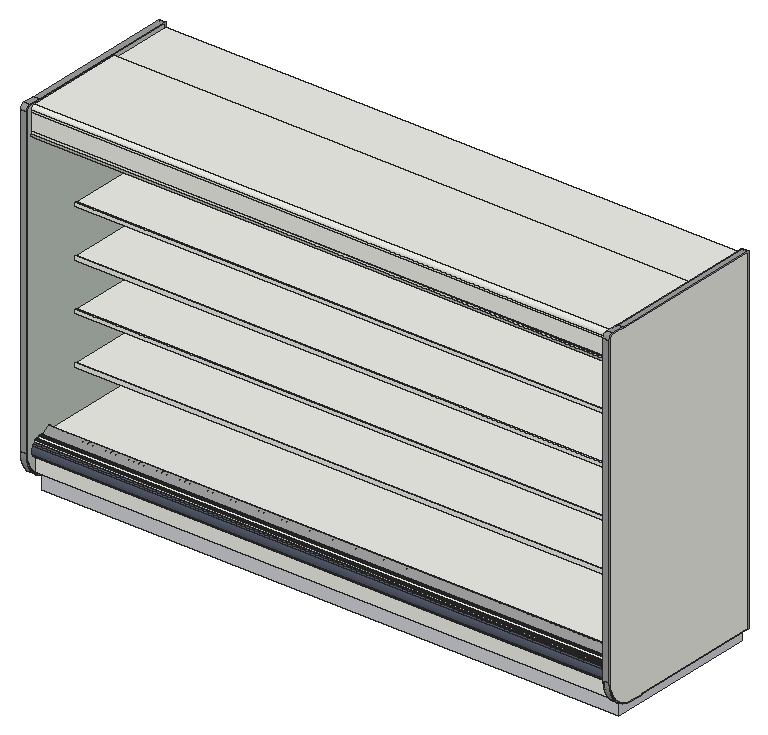
Revit family "D6X-ULEP_2014", category Specialty Equipment, Revit 2014
Parameters (values of type "12'-0" Length")
  Width = 144 1/2"
  Waste Drain = 1 1/4"  # constant formula
  URL = "www.hussmann.com"
  Type Comments = "Excel"  # constant formula
  Trim = Stainless Steel
  Total Weight = Case Weight + (2 * End Weight)  # 1800.00 lbf
  Top Clearance = 3"  # constant formula
  Splashguard = Textured Sheet Metal (Steel Painted) - 701 Black
  Shelves = Sheet Metal (Steel Painted) - 700 Interior White
  Shelf Lights [instance] = yes
  Revit Family Date = "08/31/2015"  # constant formula
  Refrigeration Lines Suction = 7/8"  # constant formula
  Refrigeration Lines Liquid = 3/8"  # constant formula
  Refrig. Suction = "Suction"
  Refrig. Liquid = "Liquid"
  Number of Supports = if(Width < 50", 2, if(Width < 100", 3, 4))  # 4
  Number of Shelves = 5  # constant formula
  Note from Manufacturer = "This model only comes in 4'-0\", 6'-0\", 8'-0\" and 12'-0\" lengths."
  Model URL = "http://www.hussmann.com/en/product%20viewer/display-cases/D5X-ULEP,%20D6X-ULEP"
  Model = "D6X-ULEP"  # constant formula
  Manufacturer Disclaimer = "The information in this file is not intended to be an exact representation of the corresponding Hussmann product.  Further, we reserve the right to change or revise specifications and product design in connection with any feature of our products. Such changes do not entitle the buyer to corresponding changes, improvements, additions, or replacements for equipment previously sold or shipped."  # constant formula
  Manufacturer = "Hussmann Corporation"  # constant formula
  Height = 87 3/4"  # constant formula
  Ends = Textured Sheet Metal (Steel Painted) - 149 White Satin Matte
  End Weight = 100.00 lbf  # constant formula
  Description = "Ultra Low Front Dairy, Extended Height"  # constant formula
  Depth = 42"  # constant formula
  Cutsheet URL = "http://www.hussmann.com/en/Technical%20Documents/0495781_K_D6X-ULEP.pdf"
  Close Off Panel = Textured Sheet Metal (Steel Painted) - 701 Black
  Clearance [instance] = yes
  Case Weight = if(Width = 48 3/8", 800.00 lbf, if(Width = 72 3/8", 1000.00 lbf, if(Width = 96 3/8", 1200.00 lbf, if(Width = 144 1/2", 1600.00 lbf, 0.00 lbf))))  # 1600.00 lbf
  Case Interior - Side Panel = Mirror
  Case Interior - Back Panel = Sheet Metal (Steel Painted) - 700 Interior White
  Case = Textured Sheet Metal (Steel Painted) - 149 White Satin Matte
  Bumper = Extruded PVC - 739 Royal Blue
  Back Clearance = 3"  # constant formula
  Assembly Code = ""
  Accessories/Options = ""
Types (4): name | Width | Total Weight | Number of Supports | Case Weight
  12'-0" Length | 144 1/2" | 1800.00 lbf | 4 | 1600.00 lbf
  8'-0" Length | 96 3/8" | 1400.00 lbf | 3 | 1200.00 lbf
  6'-0" Length | 72 3/8" | 1200.00 lbf | 3 | 1000.00 lbf
  4'-0" Length | 48 3/8" | 1000.00 lbf | 2 | 800.00 lbf
Reference planes (in)
  plane 1 "Back": y = 0
  plane 2 "Bottom": z = 0
  plane 3 "Top": z = 87.75
  plane 4 "Left": x = -77.30699
  plane 5 "Front": y = -42
  plane 6 "Center (Left/Right)": x = -5.05699
  plane 7: y = 3
  plane 8: x = -78.80699
  plane 9 "Right": x = 67.19301
  plane 10: x = 68.69301
  plane 11: z = 24
  plane 12: z = 72
  plane 13: z = 90.75
Forms (in)
  Extrusion 1, solid, material "Metal - Copper"
    sketch origin (56.68999, 5, -0.375) x (1, 0, 0) y (0, 1, 0)
      loop
        circle (1.25302, -31.25) r 0.4375
      loop
        circle (1.25302, -31.25) r 0.41359
    from 2.55701 to 0.375
  Extrusion 2, solid, material "Metal - Copper"
    sketch origin (60.76358, 5, -0.375) x (1, 0, 0) y (0, 1, 0)
      loop
        circle (-0.32057, -31.25) r 0.1875
      loop
        circle (-0.32057, -31.25) r 0.17284
    from 2.55701 to 0.375
  Extrusion 3, solid, material "Metal - Copper"
    sketch origin (-104.75, 1.04319, 0) x (1, 0, 0) y (0, 1, 0)
      loop
        arc (38.98281, -32.66819) -> (39.15421, -33.08199) -> (39.56801, -33.25339) r 0.5852
        arc (39.56801, -33.25339) -> (39.98181, -33.08199) -> (40.15321, -32.66819) r 0.5852
        arc (40.15321, -32.66819) -> (39.98181, -32.25439) -> (39.56801, -32.08299) r 0.5852
        arc (39.56801, -32.08299) -> (39.15421, -32.25439) -> (38.98281, -32.66819) r 0.5852
      loop
        arc (40.19301, -32.66819) -> (40.00996, -32.22625) -> (39.56801, -32.04319) r 0.625
        arc (39.56801, -32.04319) -> (39.12607, -32.22625) -> (38.94301, -32.66819) r 0.625
        arc (38.94301, -32.66819) -> (39.12607, -33.11013) -> (39.56801, -33.29319) r 0.625
        arc (39.56801, -33.29319) -> (40.00996, -33.11013) -> (40.19301, -32.66819) r 0.625
    from 2.18201 to 0
  Extrusion 4, solid, material "Textured Sheet Metal (Steel Painted) - 149 White Satin Matte" <- "Case"
    sketch origin (-77.30699, 0, 0) x (0, 1, 0) y (0, 0, 1)
      loop
        line (-39.44712, 8.69031) -> (-39.44712, 10.43201) -> (-38.73963, 10.43201) -> (-38.73963, 12.45299)
        arc (-38.73963, 12.45299) -> (-38.82719, 12.66353) -> (-39.03822, 12.74991) r 0.29693
        arc (-39.03822, 12.74991) -> (-39.16002, 12.74539) -> (-39.28129, 12.73322) r 1.93575
        arc (-39.28129, 12.73322) -> (-39.2917, 12.72189) -> (-39.28241, 12.70963) r 0.012
        line (-39.28241, 12.70963) -> (-39.23954, 12.69974)
        arc (-39.23954, 12.69974) -> (-39.23031, 12.68667) -> (-39.24227, 12.67605) r 0.012
        line (-39.24227, 12.67605) -> (-39.51925, 12.67693)
        arc (-39.51925, 12.67693) -> (-39.53123, 12.66573) -> (-39.5208, 12.65307) r 0.01198
        line (-39.5208, 12.65307) -> (-39.47713, 12.6475)
        arc (-39.47713, 12.6475) -> (-39.46666, 12.63614) -> (-39.47605, 12.62388) r 0.012
        line (-39.47605, 12.62388) -> (-40.42888, 12.41247)
        arc (-40.42888, 12.41247) -> (-40.44257, 12.41961) -> (-40.43789, 12.43433) r 0.012
        line (-40.43789, 12.43433) -> (-40.40068, 12.45785)
        arc (-40.40068, 12.45785) -> (-40.39657, 12.47373) -> (-40.41217, 12.47881) r 0.01198
        line (-40.41217, 12.47881) -> (-40.66278, 12.36087)
        arc (-40.66278, 12.36087) -> (-40.67804, 12.36532) -> (-40.6755, 12.38101) r 0.012
        line (-40.6755, 12.38101) -> (-40.64147, 12.4089)
        arc (-40.64147, 12.4089) -> (-40.63895, 12.42462) -> (-40.65425, 12.42901) r 0.012
        arc (-40.65425, 12.42901) -> (-40.78987, 12.35728) -> (-40.91921, 12.27474) r 1.88204
        arc (-40.91921, 12.27474) -> (-40.94123, 12.24971) -> (-40.94917, 12.21732) r 0.07
        line (-40.94917, 12.21732) -> (-40.94917, 11.82113) -> (-40.60612, 11.82113) -> (-40.60612, 4.87131) -> (-39.91926, 4.87131)
        arc (-39.91926, 4.87131) -> (-39.87769, 4.89531) -> (-39.87769, 4.94331) r 0.048
        line (-39.87769, 4.94331) -> (-40.23112, 5.55547) -> (-40.23112, 5.66258) -> (-33.66689, 2.18201) -> (-6.66448, 2.18201) -> (0, 5.72557) -> (0, 86.94565) -> (-16.26468, 86.94565) -> (-16.26468, 87.74964) -> (-41.06494, 87.74964)
        arc (-41.06494, 87.74964) -> (-41.77204, 87.45674) -> (-42.06494, 86.74964) r 1
        line (-42.06494, 86.74964) -> (-42.06494, 86.27079) -> (-41.95032, 86.27079) -> (-41.95032, 82.02079) -> (-42.06494, 82.02079) -> (-42.06494, 81.49994)
        arc (-42.06494, 81.49994) -> (-41.77204, 80.79283) -> (-41.06494, 80.49994) r 1
        arc (-41.06494, 80.49994) -> (-40.99861, 80.54088) -> (-40.93541, 80.58651) r 1.07976
        line (-40.93541, 80.58651) -> (-40.58872, 80.58651) -> (-40.58872, 83.00964) -> (-35.72299, 83.00964) -> (-35.72299, 81.8986) -> (-35.02799, 81.8986) -> (-35.02799, 82.31964) -> (-35.2097, 82.31964) -> (-35.2097, 83.37964) -> (-6.46217, 83.37964) -> (-6.46217, 11.92451) -> (-22.18913, 10.38247)
        arc (-22.18913, 10.38247) -> (-23.61328, 9.85692) -> (-24.59783, 8.70146) r 3
        arc (-24.59783, 8.70146) -> (-26.92864, 7.07481) -> (-29.53102, 8.21776) r 2.903
        arc (-29.53102, 8.21776) -> (-30.72125, 9.15998) -> (-32.22035, 9.3989) r 3
        line (-32.22035, 9.3989) -> (-39.44712, 8.69031)
    from 0 to 144.5
  Extrusion 5, solid, material "Extruded PVC - 739 Royal Blue" <- "Bumper"
    sketch origin (-77.30699, 0, 0) x (0, 1, 0) y (0, 0, 1)
      loop
        arc (-40.94917, 11.82113) -> (-41.04462, 11.8534) -> (-41.13928, 11.81889) r 0.152
        line (-41.13928, 11.81889) -> (-41.35122, 11.64488)
        arc (-41.35122, 11.64488) -> (-41.54288, 11.47244) -> (-41.68297, 11.25599) r 0.98053
        arc (-41.68297, 11.25599) -> (-41.90937, 10.24959) -> (-41.68297, 9.24318) r 2.35
        arc (-41.68297, 9.24318) -> (-41.54106, 9.02462) -> (-41.3466, 8.85114) r 0.98053
        line (-41.3466, 8.85114) -> (-41.13894, 8.68165)
        arc (-41.13894, 8.68165) -> (-41.03517, 8.6476) -> (-40.93535, 8.69193) r 0.152
        line (-40.93535, 8.69193) -> (-40.60612, 9.02115) -> (-40.60612, 11.82113) -> (-40.94917, 11.82113)
    from 0 to 144.5
  Extrusion 6, solid, material "Sheet Metal (Steel Painted) - 700 Interior White" <- "Shelves"
    sketch origin (-77.30699, 0, 0) x (0, 1, 0) y (0, 0, 1)
      loop
        line (-36.24712, 9.00407) -> (-36.24712, 12.07382) -> (-6.54794, 12.07382) -> (-6.54794, 12.71582) -> (-36.81494, 12.71582) -> (-36.81494, 8.94839) -> (-36.24712, 9.00407)
    from 0 to 144.5
  Extrusion 7, solid, material "Textured Sheet Metal (Steel Painted) - 149 White Satin Matte" <- "Ends"
    sketch origin (-77.30699, 0, 0) x (0, 1, 0) y (0, 0, 1)
      loop
        line (-43.19981, 86.92484) -> (-43.19981, 10.1022)
        arc (-43.19981, 10.1022) -> (-41.14298, 5.13656) -> (-36.17734, 3.07973) r 7.02247
        line (-36.17734, 3.07973) -> (-33.25876, 3.07973) -> (-33.25876, 3.15365) -> (0.0409, 3.15365) -> (0.0409, 3.20381) -> (0.09106, 3.20381) -> (0.09106, 87.75) -> (0.0409, 87.75) -> (0.0409, 87.80365) -> (-39.33165, 87.80365) -> (-39.33165, 87.92805) -> (-42.1966, 87.92805)
        arc (-42.1966, 87.92805) -> (-42.90598, 87.63422) -> (-43.19981, 86.92484) r 1.00321
    from 0 to -1.5
  Extrusion 8, solid, material "Mirror" <- "Case Interior - Side Panel"
    sketch origin (-77.30699, 0, 0) x (0, 1, 0) y (0, 0, 1)
      loop
        line (-43.19981, 86.92484) -> (-43.19981, 10.1022)
        arc (-43.19981, 10.1022) -> (-41.14298, 5.13656) -> (-36.17734, 3.07973) r 7.02247
        line (-36.17734, 3.07973) -> (-33.25876, 3.07973) -> (-33.25876, 3.15365) -> (0.0409, 3.15365) -> (0.0409, 3.20381) -> (0.09106, 3.20381) -> (0.09106, 87.75) -> (0.0409, 87.75) -> (0.0409, 87.80365) -> (-39.33165, 87.80365) -> (-39.33165, 87.92805) -> (-42.1966, 87.92805)
        arc (-42.1966, 87.92805) -> (-42.90598, 87.63422) -> (-43.19981, 86.92484) r 1.00321
    from 0 to 0.03125
  Extrusion 9, solid, material "Textured Sheet Metal (Steel Painted) - 149 White Satin Matte" <- "Ends"
    sketch origin (67.19301, 0, 0) x (0, 1, 0) y (0, 0, -1)
      loop
        arc (-43.19981, -86.92484) -> (-42.90598, -87.63422) -> (-42.1966, -87.92805) r 1.00321
        line (-42.1966, -87.92805) -> (-39.33165, -87.92805) -> (-39.33165, -87.80365) -> (0.0409, -87.80365) -> (0.0409, -87.75) -> (0.09106, -87.75) -> (0.09106, -3.20381) -> (0.0409, -3.20381) -> (0.0409, -3.15365) -> (-33.25876, -3.15365) -> (-33.25876, -3.07973) -> (-36.17734, -3.07973)
        arc (-36.17734, -3.07973) -> (-41.14298, -5.13656) -> (-43.19981, -10.1022) r 7.02247
        line (-43.19981, -10.1022) -> (-43.19981, -86.92484)
    from 0 to -1.5
  Extrusion 10, solid, material "Mirror" <- "Case Interior - Side Panel"
    sketch origin (67.19301, 0, 0) x (0, 1, 0) y (0, 0, -1)
      loop
        line (-43.19981, -10.01115) -> (-43.19981, -86.92484)
        arc (-43.19981, -86.92484) -> (-42.90598, -87.63422) -> (-42.1966, -87.92805) r 1.00321
        line (-42.1966, -87.92805) -> (-39.33165, -87.92805) -> (-39.33165, -87.80365) -> (0.0409, -87.80365) -> (0.0409, -87.75) -> (0.09106, -87.75) -> (0.09106, -3.20381) -> (0.0409, -3.20381) -> (0.0409, -3.15365) -> (-33.25876, -3.15365) -> (-33.25876, -3.07973) -> (-36.26839, -3.07973)
        arc (-36.26839, -3.07973) -> (-41.16965, -5.10989) -> (-43.19981, -10.01115) r 6.93142
    from 0 to 0.03125
  Sweep 11, solid
    path origin (0, 0, 0) x (1, 0, 0) y (0, 1, 0)
      loop
        line (-77.30699, 0) -> (-77.30699, -38.34002) -> (67.19301, -38.34002) -> (67.19301, 0)
    profile origin (-5.05699, -38.34002, 0) x (0, 1, 0) y (0, 0, 1)
      loop
        line (0.375, 0) -> (0.375, 4.46102) -> (-0.00039, 4.66006) -> (-0.00039, 0) -> (0.375, 0)
  Extrusion 12, solid, material "Stainless Steel" <- "Trim"
    sketch origin (68.69301, 0, 0) x (0, -1, 0) y (0, 0, -1)
      loop
        line (39.33165, -87.80365) -> (39.33165, -87.92805) -> (42.1966, -87.92805)
        arc (42.1966, -87.92805) -> (42.90598, -87.63422) -> (43.19981, -86.92484) r 1.00321
        line (43.19981, -86.92484) -> (43.19981, -10.01115)
        arc (43.19981, -10.01115) -> (41.16965, -5.10989) -> (36.26839, -3.07973) r 6.93142
        line (36.26839, -3.07973) -> (33.25876, -3.07973) -> (33.25876, -3.15365) -> (-0.0409, -3.15365) -> (-0.0409, -3.20381) -> (-0.09106, -3.20381) -> (-0.09106, -87.75) -> (-0.0409, -87.75) -> (-0.0409, -87.80365) -> (39.33165, -87.80365)
      loop
        arc (43.32481, -10.01115) -> (41.25803, -5.02151) -> (36.26839, -2.95473) r 7.05642
        line (36.26839, -2.95473) -> (33.13376, -2.95473) -> (33.13376, -3.08314) -> (-0.1659, -3.08314) -> (-0.1659, -3.1333) -> (-0.21606, -3.1333) -> (-0.21606, -87.87849) -> (-0.1659, -87.87849) -> (-0.1659, -87.92865) -> (39.20665, -87.92865) -> (39.20665, -88.05305) -> (42.1966, -88.05305)
        arc (42.1966, -88.05305) -> (42.99437, -87.72261) -> (43.32481, -86.92484) r 1.12821
        line (43.32481, -86.92484) -> (43.32481, -10.01115)
    from 0 to -1.5
  Extrusion 13, solid, material "Metal - Copper"
    sketch origin (-80.625, 1.04319, 0) x (1, 0, 0) y (0, 1, 0)
      loop
        arc (135.10781, -32.66819) -> (135.27921, -33.08199) -> (135.69301, -33.25339) r 0.5852
        arc (135.69301, -33.25339) -> (136.10681, -33.08199) -> (136.27821, -32.66819) r 0.5852
        arc (136.27821, -32.66819) -> (136.10681, -32.25439) -> (135.69301, -32.08299) r 0.5852
        arc (135.69301, -32.08299) -> (135.27921, -32.25439) -> (135.10781, -32.66819) r 0.5852
      loop
        arc (136.31801, -32.66819) -> (136.13496, -32.22625) -> (135.69301, -32.04319) r 0.625
        arc (135.69301, -32.04319) -> (135.25107, -32.22625) -> (135.06801, -32.66819) r 0.625
        arc (135.06801, -32.66819) -> (135.25107, -33.11013) -> (135.69301, -33.29319) r 0.625
        arc (135.69301, -33.29319) -> (136.13496, -33.11013) -> (136.31801, -32.66819) r 0.625
    from 2.18201 to 0
  Extrusion 14, solid, material "Stainless Steel" <- "Trim"
    sketch origin (-78.80699, 0, 0) x (0, -1, 0) y (0, 0, 1)
      loop
        line (-0.0409, 87.80365) -> (-0.0409, 87.75) -> (-0.09106, 87.75) -> (-0.09106, 3.20381) -> (-0.0409, 3.20381) -> (-0.0409, 3.15365) -> (33.25876, 3.15365) -> (33.25876, 3.07973) -> (36.17734, 3.07973)
        arc (36.17734, 3.07973) -> (41.14298, 5.13656) -> (43.19981, 10.1022) r 7.02247
        line (43.19981, 10.1022) -> (43.19981, 86.92484)
        arc (43.19981, 86.92484) -> (42.90598, 87.63422) -> (42.1966, 87.92805) r 1.00321
        line (42.1966, 87.92805) -> (39.33165, 87.92805) -> (39.33165, 87.80365) -> (-0.0409, 87.80365)
      loop
        line (-0.21606, 87.87849) -> (-0.21606, 3.07881) -> (-0.1659, 3.07881) -> (-0.1659, 3.02865) -> (33.13376, 3.02865) -> (33.13376, 2.95473) -> (36.17734, 2.95473)
        arc (36.17734, 2.95473) -> (41.23136, 5.04818) -> (43.32481, 10.1022) r 7.14747
        line (43.32481, 10.1022) -> (43.32481, 86.92484)
        arc (43.32481, 86.92484) -> (42.99437, 87.72261) -> (42.1966, 88.05305) r 1.12821
        line (42.1966, 88.05305) -> (39.20665, 88.05305) -> (39.20665, 87.92865) -> (-0.1659, 87.92865) -> (-0.1659, 87.87849) -> (-0.21606, 87.87849)
    from 0 to -1.53125
  Extrusion 15, solid, material "Stainless Steel" <- "Trim"
    sketch origin (-77.30699, 0, 0) x (0, 1, 0) y (0, 0, 1)
      loop
        line (-36.36912, 12.71582) -> (-36.36912, 13.54476)
        arc (-36.36912, 13.54476) -> (-36.48544, 13.73984) -> (-36.71237, 13.73026) r 0.22175
        line (-36.71237, 13.73026) -> (-38.73963, 12.4025) -> (-38.73963, 11.50775) -> (-38.44037, 11.80701) -> (-36.81494, 11.80701) -> (-36.81494, 12.71582) -> (-36.36912, 12.71582)
    from 0 to 144.5 <- "Width"
Lines and regions (in)
  reference lines
    curve 1: line (-74.80699, -42, 0) -> (-74.80699, 0, 0)
    curve 2: line (-65.18199, -42, 0) -> (-65.18199, 0, 0)
    curve 3: line (55.06801, -42, 0) -> (55.06801, 0, 0)
    curve 4: line (64.69301, -42, 0) -> (64.69301, 0, 0)
    curve 5: line (59.19301, -42, 0) -> (59.19301, 0, 0)
    curve 6: line (-77.30699, -31.625, 0) -> (67.19301, -31.625, 0)
    curve 7: line (67.19301, -26.25, 0) -> (-77.30699, -26.25, 0)
  model lines
    curve 8: line (-76.18199, -33.5, 0) -> (67.06801, -33.5, 0)
  symbolic lines, style "Clearance", visible <- "Clearance"
    curve 9: line (-78.80699, 0, 0) -> (-78.80699, 3, 0)
    curve 10: line (-78.80699, 3, 0) -> (68.69301, 3, 0)
    curve 11: line (68.69301, 3, 0) -> (68.69301, -0.05016, 0)
Dimensions and locks (in)
  equal spacing: plane 4 "Left", plane 6 "Center (Left/Right)", plane 9 "Right"
  locked: plane 8 to plane 4 "Left" at 1.5
  "Width": plane 4 "Left" to plane 9 "Right"
  locked: plane 4 "Left" to curve 1 at 2.5
  locked: plane 4 "Left" to curve 2 at 12.125
  locked: curve 4 to plane 9 "Right" at 2.5
  locked: curve 3 to plane 9 "Right" at 12.125
  "Depth": plane 5 "Front" to plane 1 "Back"
  "Back Clearance": plane 1 "Back" to plane 7
  locked: curve 5 to plane 9 "Right" at 8
  "Height": plane 3 "Top" to level
  locked: plane 1 "Back" to curve 6 at 31.625
  plane 1 "Back" to curve 7 = 26 1/4"
  locked: plane 9 "Right" to plane 10 at 1.5
  locked: plane 11 to level at 24
  plane 12 to level = 72"
  "Top Clearance": plane 13 to plane 3 "Top"
  equal spacing: group 1, group 13, group 14, group 2  (x3)
  equal spacing: group 3, group 5, group 6, group 11, group 4  (x3)
  equal spacing: group 7, group 9, group 10, group 12, group 8  (x3)
  locked: Extrusion 10 to plane 9 "Right" at 0.03125
  locked: plane 4 "Left" to Extrusion 8 at 0.03125
  aligned and locked: plane 5 "Front" to curve 3
  aligned and locked: plane 5 "Front" to curve 4
  aligned and locked: plane 5 "Front" to curve 2
  aligned and locked: plane 5 "Front" to curve 1
  aligned and locked: plane 4 "Left" to curve 6
  aligned and locked: plane 4 "Left" to curve 7
  aligned and locked: plane 9 "Right" to curve 7
  aligned and locked: plane 9 "Right" to curve 6
  aligned and locked: Extrusion 1 to level
  aligned and locked: Extrusion 2 to level
  aligned and locked: curve 7 to Extrusion 2 sketch curve  (x2)
  aligned and locked: curve 7 to Extrusion 1 sketch curve  (x2)
  aligned and locked: curve 6 to Extrusion 3 sketch curve  (x4)
  aligned and locked: plane 9 "Right" to Extrusion 4
  aligned and locked: Extrusion 4 to plane 4 "Left"
  aligned and locked: plane 9 "Right" to Extrusion 6
  aligned and locked: Extrusion 6 to plane 4 "Left"
  aligned and locked: plane 9 "Right" to Extrusion 5
  aligned and locked: Extrusion 5 to plane 4 "Left"
  aligned and locked: curve 1 to nested 1
  aligned and locked: curve 4 to nested 2
  aligned and locked: plane 8 to Extrusion 7
  aligned and locked: plane 4 "Left" to Extrusion 7
  aligned and locked: plane 10 to Extrusion 9
  aligned and locked: Extrusion 9 to plane 9 "Right"
  aligned and locked: Sweep 11 sketch curve to plane 9 "Right"
  aligned and locked: plane 4 "Left" to Sweep 11 sketch curve
  aligned and locked: nested 5 to nested 9  (x2)
  aligned and locked: nested 6 to nested 10  (x2)
  aligned and locked: nested 4 to nested 8  (x2)
  aligned and locked: plane 4 "Left" to nested 7
  aligned and locked: plane 4 "Left" to nested 8
  aligned and locked: plane 4 "Left" to nested 11
  aligned and locked: curve 11 to plane 10
  aligned and locked: curve 10 to plane 7
  aligned and locked: curve 9 to plane 8
  aligned and locked: Extrusion 12 sketch curve to Extrusion 10  (x12)
  aligned and locked: Extrusion 9 to Extrusion 12
  aligned and locked: Extrusion 12 to Extrusion 10
  aligned and locked: curve 2 to Extrusion 3 sketch curve  (x3)
  aligned and locked: curve 3 to Extrusion 13 sketch curve  (x2)
  aligned and locked: curve 6 to Extrusion 13 sketch curve  (x2)
  aligned and locked: Extrusion 7 to Extrusion 14
  aligned and locked: plane 12 to nested 4
Automatic sketch dimensions
  plane 1 "Back" to curve 9 = 0"
  plane 4 "Left" to curve 8 = 1 1/8"
  curve 8 to plane 9 "Right" = 1/8"
  plane 1 "Back" to curve 11 = 0.05016"
  plane 5 "Front" to curve 8 = 8 1/2"
  Extrusion 1 sketch curve to Extrusion 1 sketch curve = 0"  (x4)
  Extrusion 1 sketch curve to plane 9 "Right" = 9 1/4"
  Extrusion 1 sketch curve to Extrusion 1 sketch curve = 0.41359"
  Extrusion 2 sketch curve to Extrusion 2 sketch curve = 0"  (x4)
  Extrusion 2 sketch curve to plane 9 "Right" = 6 3/4"
  Extrusion 2 sketch curve to Extrusion 2 sketch curve = 0.17284"
  curve 5 to plane 5 "Front" = 0"
  plane 1 "Back" to curve 3 = 0"
  plane 1 "Back" to curve 2 = 0"
  plane 1 "Back" to curve 1 = 0"
  plane 1 "Back" to curve 4 = 0"
  plane 1 "Back" to curve 5 = 0"
  Extrusion 3 sketch curve to Extrusion 3 sketch curve = 0.5852"
  Extrusion 3 sketch curve to Extrusion 3 sketch curve = 0.0398"
  Extrusion 8 sketch curve to Extrusion 7 = 0"  (x7)
  Extrusion 7 to Extrusion 8 sketch curve = 0"  (x3)
  Extrusion 8 sketch curve to Extrusion 7 = 1.00321"
  Extrusion 9 sketch curve to plane 1 "Back" = 0.09106"
  Extrusion 9 sketch curve to plane 1 "Back" = 0.0409"  (x2)
  level to Extrusion 9 sketch curve = 3.07973"
  plane 5 "Front" to Extrusion 9 sketch curve = 8.74124"
  plane 5 "Front" to Extrusion 9 sketch curve = 5.82266"
  Extrusion 9 sketch curve to plane 3 "Top" = 0.05365"
  plane 5 "Front" to Extrusion 9 sketch curve = 2.66835"
  Extrusion 9 sketch curve to plane 5 "Front" = 0.1966"
  Extrusion 9 sketch curve to plane 5 "Front" = 1.19981"
  Extrusion 9 sketch curve to Extrusion 9 sketch curve = 0.1244"
  Extrusion 9 sketch curve to plane 3 "Top" = 0"
  level to Extrusion 9 sketch curve = 3.20381"
  Extrusion 9 sketch curve to Extrusion 9 sketch curve = 0.05016"
  Extrusion 10 sketch curve to Extrusion 9 = 0"  (x8)
  Extrusion 9 to Extrusion 10 sketch curve = 0"  (x2)
  Extrusion 10 sketch curve to Extrusion 9 = 3.00963"
  plane 1 "Back" to Sweep 11 sketch curve = 0"  (x2)
  plane 5 "Front" to Sweep 11 sketch curve = 3.65998"
  Sweep 11 sketch curve to level = 0"
  profile plane to Sweep 11 sketch curve = 0.00039"
  Sweep 11 sketch curve to profile plane = 3/8"
  Sweep 11 sketch curve to Sweep 11 sketch curve = 4.46102"
  Extrusion 12 sketch curve to Extrusion 12 sketch curve = 0"  (x2)
  Extrusion 12 sketch curve to Extrusion 9 = 0.00341"
  Extrusion 9 to Extrusion 12 sketch curve = 0.07484"  (x2)
  Extrusion 12 sketch curve to Extrusion 12 sketch curve = 0.05016"  (x2)
  Extrusion 9 to Extrusion 12 sketch curve = 1/8"  (x2)
  Extrusion 9 to Extrusion 12 sketch curve = 0.0006"
  Extrusion 12 sketch curve to Extrusion 9 = 0.04956"
  Extrusion 13 sketch curve to Extrusion 13 sketch curve = 0"  (x2)
  Extrusion 13 sketch curve to Extrusion 13 sketch curve = 0.5852"
  Extrusion 13 sketch curve to Extrusion 13 sketch curve = 0.0398"
  Extrusion 4 sketch curve to plane 1 "Back" = 0"
  plane 3 "Top" to Extrusion 4 sketch curve = 1.00036"
  plane 5 "Front" to Extrusion 4 sketch curve = 0.93506"  (x2)
  plane 5 "Front" to Extrusion 4 sketch curve = 0.40141"
  plane 5 "Front" to Extrusion 4 sketch curve = 0.04968"
  Extrusion 4 sketch curve to plane 5 "Front" = 0.06494"  (x2)
  Extrusion 4 sketch curve to Extrusion 4 sketch curve = 0.12953"
  Extrusion 4 sketch curve to Extrusion 4 sketch curve = 0.00761"  (x2)
  Extrusion 4 sketch curve to Extrusion 4 sketch curve = 0.00511"
  plane 5 "Front" to Extrusion 4 sketch curve = 1.41128"
  Extrusion 4 sketch curve to Extrusion 4 sketch curve = 0.00641"
  Extrusion 4 sketch curve to Extrusion 4 sketch curve = 0.0026"  (x2)
  Extrusion 4 sketch curve to Extrusion 4 sketch curve = 0.0051"
  Extrusion 4 sketch curve to Extrusion 4 sketch curve = 0.0064"
  Extrusion 4 sketch curve to Extrusion 4 sketch curve = 3/8"
  Extrusion 4 sketch curve to Extrusion 4 sketch curve = 0.68686"
  Extrusion 4 sketch curve to Extrusion 4 sketch curve = 0.04157"
  Extrusion 4 sketch curve to Extrusion 4 sketch curve = 0.00152"  (x2)
  Extrusion 4 sketch curve to Extrusion 4 sketch curve = 0.00004"  (x2)
  Extrusion 4 sketch curve to Extrusion 4 sketch curve = 1.159"
  Extrusion 4 sketch curve to Extrusion 4 sketch curve = 0.20572"
  Extrusion 4 sketch curve to Extrusion 4 sketch curve = 0.29693"
  Extrusion 4 sketch curve to Extrusion 4 sketch curve = 4.86573"
  Extrusion 4 sketch curve to Extrusion 4 sketch curve = 0.51329"
  Extrusion 4 sketch curve to Extrusion 4 sketch curve = 0.18171"
  level to Extrusion 4 sketch curve = 2.18201"
  Extrusion 4 sketch curve to Extrusion 4 sketch curve = 6.2108"
  Extrusion 4 sketch curve to Extrusion 4 sketch curve = 6.51928"
  Extrusion 4 sketch curve to Extrusion 4 sketch curve = 0.29275"  (x2)
  Extrusion 4 sketch curve to Extrusion 4 sketch curve = 5.00843"
  Extrusion 4 sketch curve to Extrusion 4 sketch curve = 5.0228"
  plane 3 "Top" to Extrusion 4 sketch curve = 0.80435"
  plane 1 "Back" to Extrusion 4 sketch curve = 16.26468"
  plane 1 "Back" to Extrusion 4 sketch curve = 6.66448"
  plane 1 "Back" to Extrusion 4 sketch curve = 6.46217"
  level to Extrusion 4 sketch curve = 4.87131"
  Extrusion 4 sketch curve to Extrusion 4 sketch curve = 0.048"
  Extrusion 4 sketch curve to Extrusion 4 sketch curve = 0.61216"
  Extrusion 4 sketch curve to Extrusion 4 sketch curve = 0.10711"
  level to Extrusion 4 sketch curve = 5.72557"
  Extrusion 4 sketch curve to Extrusion 4 sketch curve = 4.23121"
  level to Extrusion 4 sketch curve = 7.39679"
  Extrusion 4 sketch curve to Extrusion 4 sketch curve = 2.04053"
  Extrusion 4 sketch curve to Extrusion 4 sketch curve = 2.98568"  (x2)
  Extrusion 4 sketch curve to Extrusion 4 sketch curve = 0.56506"
  Extrusion 4 sketch curve to Extrusion 4 sketch curve = 0.29882"
  Extrusion 4 sketch curve to Extrusion 4 sketch curve = 6.19894"
  Extrusion 4 sketch curve to Extrusion 4 sketch curve = 0.22306"
  Extrusion 4 sketch curve to Extrusion 4 sketch curve = 6.16313"
  Extrusion 4 sketch curve to Extrusion 4 sketch curve = 0.8521"
  plane 3 "Top" to Extrusion 4 sketch curve = 5.8514"
  Extrusion 4 sketch curve to Extrusion 4 sketch curve = 0.52085"
  Extrusion 4 sketch curve to Extrusion 4 sketch curve = 0.42104"
  Extrusion 4 sketch curve to Extrusion 4 sketch curve = 0.69"
  plane 3 "Top" to Extrusion 4 sketch curve = 4.37036"
  Extrusion 4 sketch curve to Extrusion 4 sketch curve = 0.47885"
  Extrusion 4 sketch curve to Extrusion 4 sketch curve = 0.34305"
  Extrusion 4 sketch curve to Extrusion 4 sketch curve = 0.0027"  (x2)
  Extrusion 4 sketch curve to Extrusion 4 sketch curve = 0"
  Extrusion 4 sketch curve to Extrusion 4 sketch curve = 0.39619"
  plane 5 "Front" to Extrusion 5 sketch curve = 0.64878"
  Extrusion 5 sketch curve to Extrusion 5 sketch curve = 0.21194"
  Extrusion 5 sketch curve to Extrusion 5 sketch curve = 0.20765"
  Extrusion 5 sketch curve to Extrusion 5 sketch curve = 0.09645"
  Extrusion 5 sketch curve to Extrusion 5 sketch curve = 0.09611"
  Extrusion 5 sketch curve to Extrusion 5 sketch curve = 0.10748"
  Extrusion 5 sketch curve to Extrusion 5 sketch curve = 0.24592"  (x2)
  Extrusion 5 sketch curve to Extrusion 5 sketch curve = 0.01027"
  Extrusion 5 sketch curve to Extrusion 5 sketch curve = 0.16949"
  Extrusion 5 sketch curve to Extrusion 5 sketch curve = 0.32922"
  Extrusion 5 sketch curve to Extrusion 5 sketch curve = 0.64195"
  Extrusion 5 sketch curve to Extrusion 5 sketch curve = 0.58649"
  Extrusion 5 sketch curve to Extrusion 5 sketch curve = 0.80881"
  Extrusion 5 sketch curve to Extrusion 5 sketch curve = 0.05652"
  Extrusion 5 sketch curve to Extrusion 5 sketch curve = 0.11748"
  Extrusion 5 sketch curve to Extrusion 5 sketch curve = 0"
  plane 5 "Front" to Extrusion 5 sketch curve = 0.6534"
  Extrusion 5 sketch curve to Extrusion 5 sketch curve = 0.09365"
  Extrusion 5 sketch curve to Extrusion 5 sketch curve = 1.23753"
  Extrusion 5 sketch curve to Extrusion 5 sketch curve = 1.17297"
  Extrusion 5 sketch curve to Extrusion 5 sketch curve = 0.34305"
  level to Extrusion 5 sketch curve = 11.82113"
  plane 3 "Top" to Extrusion 7 sketch curve = 0.82516"
  Extrusion 7 sketch curve to plane 5 "Front" = 1.19981"
  Extrusion 7 sketch curve to plane 5 "Front" = 0.1966"
  plane 5 "Front" to Extrusion 7 sketch curve = 2.66835"
  plane 5 "Front" to Extrusion 7 sketch curve = 5.82266"
  Extrusion 7 sketch curve to Extrusion 7 sketch curve = 2.91857"
  Extrusion 7 sketch curve to plane 1 "Back" = 0.0409"  (x2)
  Extrusion 7 sketch curve to Extrusion 7 sketch curve = 0.05016"  (x2)
  level to Extrusion 7 sketch curve = 10.1022"
  level to Extrusion 7 sketch curve = 3.20381"
  Extrusion 7 sketch curve to plane 3 "Top" = 0"
  Extrusion 7 sketch curve to Extrusion 7 sketch curve = 0.05365"
  Extrusion 14 sketch curve to Extrusion 7 = 0"  (x8)
  Extrusion 7 to Extrusion 14 sketch curve = 0"  (x2)
  Extrusion 14 sketch curve to Extrusion 7 = 2.91857"
  Extrusion 14 sketch curve to Extrusion 14 sketch curve = 0"  (x2)
  Extrusion 7 to Extrusion 14 sketch curve = 0.07484"  (x2)
  Extrusion 14 sketch curve to Extrusion 14 sketch curve = 0.05016"
  Extrusion 7 to Extrusion 14 sketch curve = 1/8"  (x2)
  Extrusion 7 to Extrusion 14 sketch curve = 0.05108"
  Extrusion 7 to Extrusion 14 sketch curve = 0.00092"
  Extrusion 14 sketch curve to Extrusion 7 = 0.04956"
  Extrusion 7 to Extrusion 14 sketch curve = 0.0006"
  plane 1 "Back" to Extrusion 6 sketch curve = 6.54794"
  Extrusion 6 sketch curve to Extrusion 6 sketch curve = 0.642"
  plane 5 "Front" to Extrusion 15 sketch curve = 5.28763"
  Extrusion 15 sketch curve to Extrusion 15 sketch curve = 0.1215"
  Extrusion 15 sketch curve to Extrusion 15 sketch curve = 0.22175"
  Extrusion 15 sketch curve to plane 11 = 10.45524"
  Extrusion 15 sketch curve to Extrusion 15 sketch curve = 2.37051"
  Extrusion 15 sketch curve to Extrusion 15 sketch curve = 0.82894"
  Extrusion 15 sketch curve to Extrusion 15 sketch curve = 0.31332"
  Extrusion 15 sketch curve to Extrusion 15 sketch curve = 0.29926"  (x2)
  Extrusion 15 sketch curve to Extrusion 15 sketch curve = 0.59549"
  Extrusion 15 sketch curve to Extrusion 15 sketch curve = 0.44582"
  plane 5 "Front" to Extrusion 6 sketch curve = 5.18506"
  Extrusion 6 sketch curve to Extrusion 6 sketch curve = 0.56782"
  level to Extrusion 6 sketch curve = 8.94839"
  Extrusion 6 sketch curve to Extrusion 6 sketch curve = 0.05568"
  Extrusion 6 sketch curve to Extrusion 6 sketch curve = 3.06975"
  Sweep 11 sketch curve to Sweep 11 sketch curve = 0.19905"
  radius of Extrusion 1 sketch curve = 7/16"
  radius of Extrusion 2 sketch curve = 3/16"
  radius of Extrusion 8 sketch curve to Extrusion 7 = 0"
  radius of Extrusion 10 sketch curve to Extrusion 9 = 0"
  radius of Extrusion 9 to Extrusion 12 sketch curve = 1/8"
  radius of Extrusion 14 sketch curve to Extrusion 7 = 0"
  radius of Extrusion 7 to Extrusion 14 sketch curve = 1/8"
Nested families (in)
  nested 1: "Floor Support-Low Profile" at (-74.6875, -4.76164, 0), type "Floor Support-Low Profile"
  nested 2: "Floor Support-Low Profile" at (64.8125, -4.76164, 0), type "Floor Support-Low Profile"
  nested 3: "Shelf" at (0, -6.46217, 19.25), type "Shelf"
    with Width 144 1/2", Depth 22"
  nested 4: "Shelf" at (0, -6.46217, 67.25), type "Shelf"
    with Width 144 1/2", Depth 22"
  nested 5: "Shelf" at (0, -6.46217, 31.25), type "Shelf"
    with Width 144 1/2", Depth 22"
  nested 6: "Shelf" at (0, -6.46217, 43.25), type "Shelf"
    with Width 144 1/2", Depth 22"
  nested 7: "Light" at (-5.05699, -18.85415, -28.75), visible <- "Shelf Lights", type "Light"
    with Length 144 1/2"
  nested 8: "Light" at (-5.05699, -18.85415, 19.25), visible <- "Shelf Lights", type "Light"
    with Length 144 1/2"
  nested 9: "Light" at (-5.05699, -18.85415, -16.75), visible <- "Shelf Lights", type "Light"
    with Length 144 1/2"
  nested 10: "Light" at (-5.05699, -18.85415, -4.75), visible <- "Shelf Lights", type "Light"
    with Length 144 1/2"
  nested 11: "Light" at (-5.05699, -30.96564, 30.47393), type "Light"
    with Length 144 1/2"
  nested 12: "Shelf" at (0, -6.46217, 55.25), type "Shelf"
    with Width 144 1/2", Depth 22"
  nested 13: "Light" at (-5.05699, -18.85415, 7.25), visible <- "Shelf Lights", type "Light"
    with Length 144 1/2"
  nested 14: "Floor Support-Low Profile" at (-28.1875, -4.76164, 0), type "Floor Support-Low Profile"
  nested 15: "Floor Support-Low Profile" at (18.3125, -4.76164, 0), type "Floor Support-Low Profile"
Connectors (in)
  piping at (57.94301, -26.25, 0), diameter 0.875, driven by "Refrig. Suction", driven by "Refrigeration Lines Suction"
    settings: on Extrusion 1, index 9, connector inside diameter 7/8", connector length 0", flow factor 0, pipe flow 0 GPM, pressure drop 0.00 psi, fitting loss kfactor 0, connector angle 0.00°, fixture units 0, engagement length 0", angle of deflection 0.00°, flow configuration 0, flow direction 2, fitting loss method 0, system type 22, joint type 0, gender type 0, connector reference index -1, connector utility 0, adjustable connector no, is connector primary yes, connector description "Suction"
  piping at (60.44301, -26.25, 0), diameter 0.375, driven by "Refrig. Liquid", driven by "Refrigeration Lines Liquid"
    settings: on Extrusion 2, index 10, connector inside diameter 3/8", connector length 0", flow factor 0, pipe flow 0 GPM, pressure drop 0.00 psi, fitting loss kfactor 0, connector angle 0.00°, fixture units 0, engagement length 0", angle of deflection 0.00°, flow configuration 0, flow direction 1, fitting loss method 0, system type 22, joint type 0, gender type 0, connector reference index -1, connector utility 0, adjustable connector no, is connector primary no, connector description "Liquid"
  piping at (-65.18199, -31.625, 0), diameter 1.25, driven by "Waste Drain"
    settings: on Extrusion 3, index 11, connector inside diameter 1 1/4", connector length 0", flow factor 0, pipe flow 0 GPM, pressure drop 0.00 psi, fitting loss kfactor 0, connector angle 0.00°, fixture units 0, engagement length 0", angle of deflection 0.00°, flow configuration 0, flow direction 0, fitting loss method 0, system type 16, joint type 0, gender type 0, connector reference index -1, connector utility 0, adjustable connector no, is connector primary no, connector description ""
  piping at (55.06801, -31.625, 0), diameter 1.25, driven by "Waste Drain"
    settings: on Extrusion 13, index 12, connector inside diameter 1 1/4", connector length 0", flow factor 0, pipe flow 0 GPM, pressure drop 0.00 psi, fitting loss kfactor 0, connector angle 0.00°, fixture units 0, engagement length 0", angle of deflection 0.00°, flow configuration 0, flow direction 0, fitting loss method 0, system type 16, joint type 0, gender type 0, connector reference index -1, connector utility 0, adjustable connector no, is connector primary no, connector description ""
Definition of nested family "Floor Support-Low Profile"
  Parameters (values of type "Floor Support-Low Profile")
    Width = 4 1/4"
    URL = "www.hussmann.com"
    Type Comments = ""
    Revit Family Date = "06/25/2015"
    Model = ""
    Manufacturer = "Hussmann Corporation"
    Height = 2.18201"
    Floor Support = none
    Description = ""
    Depth = 26.227"
    Assembly Code = ""
    Accessories/Options = ""
  Reference planes (in)
    plane 1 "Back": y = 0
    plane 2 "Bottom": z = 0
    plane 3 "Top": z = 2.18201
    plane 4 "Left": x = -2.24449
    plane 5 "Right": x = 2.00551
    plane 6 "Front": y = -26.227
    plane 7 "Center (Left/Right)": x = -0.11949
  Forms (in)
    Extrusion 1, solid, material <- "Floor Support"
      sketch origin (-0.11949, 0, 0) x (0, 1, 0) y (0, 0, 1)
        loop
          line (-0.49701, 1.25001) -> (-0.49701, 0.05701) -> (-2.88301, 0.05701) -> (-2.88301, 1.25001) -> (-3.57001, 1.25001) -> (-3.57001, 1.193) -> (-2.94002, 1.193) -> (-2.94002, 0) -> (-0.44, 0) -> (-0.44, 1.25001) -> (-0.49701, 1.25001)
      from 2.125 to -2.125
    Extrusion 2, solid, material <- "Floor Support"
      sketch origin (-0.11949, 0, 0) x (0, 1, 0) y (0, 0, 1)
        loop
          line (-26.227, 2.18201) -> (-26.227, 1.25001) -> (0, 1.25001) -> (0, 3.17896) -> (-1.875, 2.18201) -> (-26.227, 2.18201)
      from 2.125 to -2.125
    Extrusion 3, solid, material <- "Floor Support"
      sketch origin (-0.11949, -26.227, 0) x (0, -1, 0) y (0, 0, -1)
        loop
          line (-0.49701, -1.25001) -> (-0.44, -1.25001) -> (-0.44, 0) -> (-2.94002, 0) -> (-2.94002, -1.193) -> (-3.57001, -1.193) -> (-3.57001, -1.25001) -> (-2.88301, -1.25001) -> (-2.88301, -0.05701) -> (-0.49701, -0.05701) -> (-0.49701, -1.25001)
      from 2.125 to -2.125
  Dimensions and locks (in)
    equal spacing: plane 4 "Left", plane 7 "Center (Left/Right)", plane 5 "Right"
    "Width": plane 4 "Left" to plane 5 "Right"
    "Depth": plane 6 "Front" to plane 1 "Back"
    "Height": plane 3 "Top" to level
    Extrusion 2 sketch curve to plane 1 "Back" = 1 7/8"
    aligned and locked: Extrusion 1 to plane 4 "Left"
    aligned and locked: plane 5 "Right" to Extrusion 1
    aligned and locked: Extrusion 2 to plane 4 "Left"
    aligned and locked: plane 5 "Right" to Extrusion 2
    aligned and locked: Extrusion 3 to plane 4 "Left"
    aligned and locked: plane 5 "Right" to Extrusion 3
  Automatic sketch dimensions
    Extrusion 1 sketch curve to level = 0"
    level to Extrusion 1 sketch curve = 1.193"
    plane 1 "Back" to Extrusion 1 sketch curve = 3.57001"
    Extrusion 1 sketch curve to Extrusion 1 sketch curve = 0.62999"
    Extrusion 1 sketch curve to Extrusion 1 sketch curve = 0.05701"  (x3)
    plane 1 "Back" to Extrusion 1 sketch curve = 0.49701"
    level to Extrusion 1 sketch curve = 0.05701"
    Extrusion 1 sketch curve to Extrusion 1 sketch curve = 1.193"
    Extrusion 2 sketch curve to plane 6 "Front" = 0"
    Extrusion 2 sketch curve to plane 1 "Back" = 0"
    level to Extrusion 2 sketch curve = 1 1/4"
    Extrusion 2 sketch curve to Extrusion 2 sketch curve = 0.932"
    Extrusion 2 sketch curve to Extrusion 2 sketch curve = 1.92896"
    Extrusion 3 sketch curve to level = 0"
    Extrusion 3 sketch curve to level = 1.193"
    Extrusion 3 sketch curve to plane 6 "Front" = 3.57001"
    Extrusion 3 sketch curve to Extrusion 3 sketch curve = 0.62999"
    Extrusion 3 sketch curve to Extrusion 3 sketch curve = 0.05701"  (x2)
    Extrusion 3 sketch curve to plane 6 "Front" = 0.49701"
    Extrusion 3 sketch curve to plane 6 "Front" = 0.44"
    Extrusion 3 sketch curve to level = 0.05701"
    Extrusion 3 sketch curve to Extrusion 3 sketch curve = 1.193"
Definition of nested family "Shelf"
  Parameters (values of type "Shelf")
    Width = 24"
    URL = "www.hussmann.com"
    Type Comments = "Shelf"
    Shelves = Sheet Metal (Steel Painted) - 700 Interior White
    Model = ""
    Manufacturer = "Hussmann Corporation"
    Height = 5"
    Description = ""
    Depth = 20"
    Assembly Code = ""
    Accessories/Options = ""
  Reference planes (in)
    plane 1 "Back": y = 0
    plane 2 "Bottom": z = 0
    plane 3 "Left": x = -77.30699
    plane 4 "Right": x = -53.30699
    plane 5 "Front": y = -20
    plane 6 "Center (Left/Right)": x = -65.30699
    plane 7: z = 5
  Forms (in)
    Extrusion 1, solid, material "Sheet Metal (Steel Painted) - 700 Interior White" <- "Shelves"
      sketch origin (-77.30699, 7.75, -64.26162) x (0, 1, 0) y (0, 0, 1)
        loop
          line (-7.75, 64.26162) -> (-7.75, 68.01162) -> (-8.5, 68.01162) -> (-8.5, 69.01162) -> (-27.5, 69.01162) -> (-27.5, 69.26162) -> (-27.75, 69.26162) -> (-27.75, 68.26162) -> (-27.5, 68.26162) -> (-27.5, 68.76162) -> (-26, 68.76162) -> (-26, 68.51162) -> (-13.81963, 68.51162) -> (-7.75, 64.26162)
      from 0 to 24
  Dimensions and locks (in)
    "Width": plane 4 "Right" to plane 3 "Left"
    equal spacing: plane 4 "Right", plane 6 "Center (Left/Right)", plane 3 "Left"
    "Depth": plane 1 "Back" to plane 5 "Front"
    "Height": level to plane 7
    aligned and locked: Extrusion 1 to plane 3 "Left"
    aligned and locked: plane 4 "Right" to Extrusion 1
  Automatic sketch dimensions
    Extrusion 1 sketch curve to plane 5 "Front" = 0"
    Extrusion 1 sketch curve to plane 1 "Back" = 0"
    plane 5 "Front" to Extrusion 1 sketch curve = 1/4"  (x2)
    Extrusion 1 sketch curve to Extrusion 1 sketch curve = 1 1/2"
    plane 1 "Back" to Extrusion 1 sketch curve = 6.06963"
    plane 1 "Back" to Extrusion 1 sketch curve = 3/4"
    Extrusion 1 sketch curve to Extrusion 1 sketch curve = 3 3/4"
    Extrusion 1 sketch curve to Extrusion 1 sketch curve = 1/2"  (x2)
    Extrusion 1 sketch curve to Extrusion 1 sketch curve = 1"
    Extrusion 1 sketch curve to Extrusion 1 sketch curve = 1/4"
    Extrusion 1 sketch curve to Extrusion 1 sketch curve = 3/4"
    Extrusion 1 sketch curve to level = 0"
Definition of nested family "Light"
  Parameters (values of type "Light")
    Wattage = 16.1571 W
    built-in parameter 1150110 = 1 (stored number, unit not read)
    built-in parameter 1114217 = 1 (stored number, unit not read)
    built-in parameter 1150109 = 1 (stored number, unit not read)
    built-in parameter 1150134 = (empty or 0)
    built-in parameter 1150113 = 1 (stored number, unit not read)
    Lumens = 2400 lm
    built-in parameter 1150115 = 1 (stored number, unit not read)
    built-in parameter 1150105 = 763.94 (stored number, unit not read)
    Light Source Symbol Size = 24"
    built-in parameter 1150137 = (empty or 0)
    built-in parameter 1150139 = (empty or 0)
    Lense = none
    Length = 24"
    built-in parameter 1150112 = 1 (stored number, unit not read)
    built-in parameter 1150114 = 1 (stored number, unit not read)
    built-in parameter 1150132 = 2
    built-in parameter 1150102 = (empty or 0)
    built-in parameter 1150138 = (empty or 0)
    built-in parameter 1150107 = 6100 (stored number, unit not read)
    built-in parameter 1150106 = 7.6394 (stored number, unit not read)
    Emit from Line Length = Length  # 24"
    built-in parameter 1150104 = 13.8 (stored number, unit not read)
    Dimming Lamp Color Temperature Shift = (empty or 0)
    Color Filter = 16777215
    Casing = none
    built-in parameter 1114218 = 1 (stored number, unit not read)
    built-in parameter 1150133 = 10 (stored number, unit not read)
  Reference planes (in)
    plane 1 "Light Source Axis (F/B)": y = -8.60801
    plane 2: z = 0
    plane 3 "Light Source Axis (L/R)": x = 0
    plane 4 "Light Source Elevation": z = 52.5
    plane 5: z = 0
    plane 6 "Left": x = -12
    plane 7 "Right": x = 12
  Lines and regions (in)
    model lines
      curve 1: line (-12, -8.60801, 52.5) -> (12, -8.60801, 52.5)
  Dimensions and locks (in)
    equal spacing: plane 7 "Right", plane 3 "Light Source Axis (L/R)", plane 6 "Left"
    "Length": plane 7 "Right" to plane 6 "Left"
    aligned and locked: plane 3 "Light Source Axis (L/R)" to imposter light
    aligned and locked: plane 1 "Light Source Axis (F/B)" to imposter light
    aligned and locked: plane 4 "Light Source Elevation" to imposter light
    aligned and locked: level to plane 5
  Automatic sketch dimensions
    plane 1 "Light Source Axis (F/B)" to curve 1 = 0"
    curve 1 to plane 6 "Left" = 0"
    curve 1 to plane 7 "Right" = 0"
